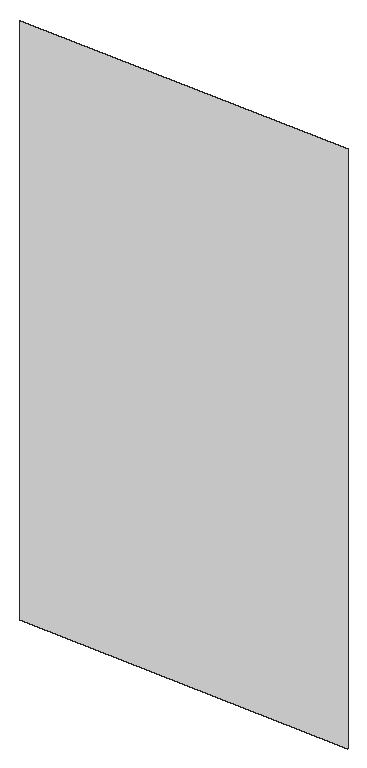
Revit family
Parameters (values of type "CATV")
  폭 = 70 mm
  장착 높이 = 305 mm
  레이블 = "TV"
  높이 = 115 mm
  재료 = 플라스틱 - 흰색
Types (3, lengths in mm): name | 레이블
  CATV | "TV"
  전화 | "T"
  무선 데이터 | "TD"
Reference planes
  plane 1: y = 0
  plane 2 "중심(왼쪽/오른쪽)": x = 125
  plane 3 "뒤로": y = 75
  plane 4: z = 305
  plane 5: x = 90
  plane 6: x = 160
  plane 7: z = 362.5
  plane 8: z = 247.5
  plane 9: y = 80
Forms (mm)
  Blend 1, solid, material "플라스틱 - 흰색" <- "재료"
    base sketch origin (0, 75, 0) x (1, 0, 0) y (0, 0, 1)
      loop
        line (160, 362.5) -> (90, 362.5) -> (90, 247.5) -> (160, 247.5) -> (160, 362.5)
    top sketch origin (0, 75, 0) x (1, 0, 0) y (0, 0, 1)
      loop
        line (155, 357.5) -> (95, 357.5) -> (95, 252.5) -> (155, 252.5) -> (155, 357.5)
    from 0 to -5
Text (mm)
  text "측면 배치" at (0, 1270.507, 3001.832), in view "왼쪽"
  text "측면 배치" at (0, 530.812, 2999.686), in view "오른쪽"
Dimensions and locks
  locked: plane 3 "뒤로" to host wall
  "높이": plane 8 to plane 7
  "폭": plane 5 to plane 6
  equal spacing: plane 8, plane 4, plane 7
  equal spacing: plane 5, plane 2 "중심(왼쪽/오른쪽)", plane 6
  "장착 높이": level to plane 4
  locked: plane 3 "뒤로" to plane 9 at 5
  aligned and locked: plane 1 to host wall
  aligned and locked: plane 6 to Blend 1 sketch curve
  aligned and locked: Blend 1 sketch curve to plane 7
  aligned and locked: plane 8 to Blend 1 sketch curve
  aligned and locked: plane 5 to Blend 1 sketch curve
  aligned and locked: plane 3 "뒤로" to Blend 1
  aligned and locked: Blend 1 to plane 9
  aligned and locked: plane 3 "뒤로" to nested 1
Automatic sketch dimensions
  Blend 1 sketch curve to plane 5 = 5 mm
  plane 6 to Blend 1 sketch curve = 5 mm
  Blend 1 sketch curve to plane 8 = 5 mm
  plane 7 to Blend 1 sketch curve = 5 mm
Nested families
  nested 1: "콘센트 주석2" at (125, 75, 0), type "콘센트 주석2"
Definition of nested family "콘센트 주석2"
  Parameters
    레이블 = ""
  Reference planes
    plane 1: y = 0
    plane 2: x = 0
  Lines and regions (mm)
    detail lines
      curve 1: line (0, 0.398, 0) -> (0, 2.778, 0)
      curve 2: line (-1.587, 5.953, 0) -> (1.587, 5.953, 0)
      curve 3: line (-1.587, 2.778, 0) -> (-1.587, 5.953, 0)
      curve 4: line (1.587, 2.778, 0) -> (-1.587, 2.778, 0)
      curve 5: line (1.587, 5.953, 0) -> (1.587, 2.778, 0)
  Text (mm)
    label "레이블" at (-0.001, 4.356, 0), shows "레이블"
